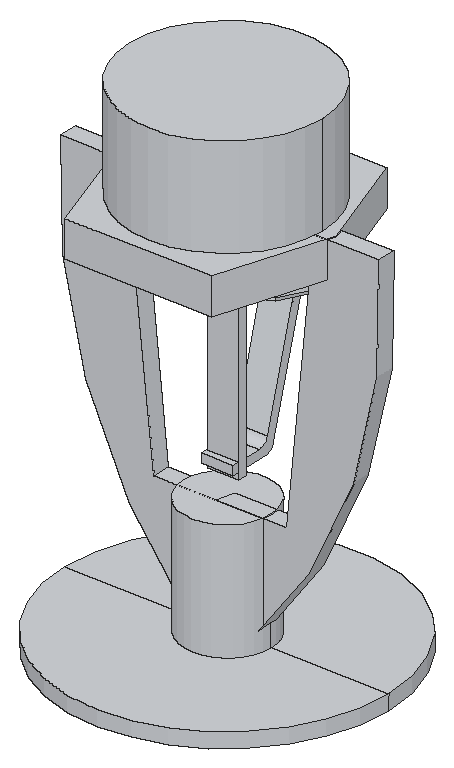
Revit family
Parameters (values of type "RASCO N252 EC PENDENT")
  Temperature Rating = 165 °F
  Response = (empty or 0)
  RASCO SIN # = "RA08A2"
  RASCO Part # = "EC251C"
  Pressure Rating = "175 PSI"
  Pressure Class = (empty or 0)
  Orifice Size = 1"
  Orifice = (empty or 0)
  Model = "N252 EC"
  Manufacturer = "RASCO"
  K-Factor = 25.2
  Description = "CHROME FINISH"
  Coverage = 1
Reference planes (in)
  plane 1 "Center (Front/Back)": y = 0
  plane 2: z = 0
  plane 3 "Center (Left/Right)": x = 0
Nested families (in)
  nested 1: "RASCO- EC251C" at (0, -0.28517, 3.60324) x (-1, 0, 0) z (0, 0, -1), type "RASCO N252 EC PENDENT"
Connectors (in)
  piping at (0, -0.28517, 3.60324)
    settings: on nested 1, index 1, connector radius 11/16", flow factor 0, pipe flow 0 GPM, pressure drop 0.00 psi, fitting loss kfactor 0, connector angle 0.00°, fixture units 0, flow configuration 0, flow direction 0, fitting loss method 0, system type 7, connector reference index -1, connector utility 0, adjustable connector no, is connector primary yes, fitting loss table "", connector description ""
Definition of nested family "RASCO- EC251C"
  Parameters (values of type "RASCO N252 EC PENDENT")
    Type Comments = ""
    Temperature Rating = 0 °F
    Response = (empty or 0)
    Pressure Rating = "0"
    Pressure Class = (empty or 0)
    Orifice Size = 0"
    Orifice = (empty or 0)
    Model = ""
    Manufacturer = ""
    K-Factor = 0
    Description = ""
    Coverage = (empty or 0)
    Assembly Code = ""
  Reference planes (in)
    plane 1 "Center (Front/Back)": y = 0
    plane 2: z = 0
    plane 3 "ref.2": z = 0.6875
    plane 4 "ref.3": z = 0.9375
    plane 5: x = -0.38065
    plane 6: x = 0.36935
    plane 7 "ref. side 1": y = 0.06402
    plane 8 "ref. side 2": y = -0.06098
    plane 9 "ref.4": z = 2.6
    plane 10 "ref.5": z = 3.6
    plane 11 "center": x = -0.00574
    plane 12 "clip": through (0, 0.52703, 1.36085) normal (0, 0.2756, -0.9613)
  Forms (in)
    Extrusion 1, solid
      sketch origin (0, 0, 0) x (1, 0, 0) y (0, 1, 0)
        loop
          circle (0, 0) r 0.659
      from 0 to 0.6875
    Extrusion 2, solid
      sketch origin (-0.12185, 0.05177, 0.6875) x (1, 0, 0) y (0, 1, 0)
        loop
          line (-0.37766, 0.70082) -> (-0.6339, -0.05177) -> (-0.3889, -0.80818) -> (0.62234, -0.80818) -> (0.8661, -0.05177) -> (0.62234, 0.70082) -> (-0.37766, 0.70082)
      from 0 to 0.25
    Extrusion 3, solid
      sketch origin (0, 0, 0) x (1, 0, 0) y (0, 0, 1)
        loop
          line (-1.09324, 0.6875) -> (-0.62034, 0.6875) -> (-0.62034, 0.96854)
          arc (-0.62034, 0.96854) -> (-0.58056, 1.76334) -> (-0.46159, 2.55019) r 7.95835
          line (-0.46159, 2.55019) -> (0.44697, 2.55019)
          arc (0.44697, 2.55019) -> (0.56668, 1.78042) -> (0.60672, 1.00242) r 7.57793
          line (0.60672, 1.00242) -> (0.60672, 0.6875) -> (1.08176, 0.6875)
          arc (1.08176, 0.6875) -> (0.90757, 2.11947) -> (0.17997, 3.36505) r 3.56334
          line (0.17997, 3.36505) -> (-0.19366, 3.36505)
          arc (-0.19366, 3.36505) -> (-0.92012, 2.11923) -> (-1.09324, 0.6875) r 3.563
      from -0.06402 to 0.06098
    Extrusion 4, solid
      sketch origin (-0.00199, 0, 3.1625) x (-1, 0, 0) y (0, -1, 0)
        loop
          circle (0.00574, -0.00152) r 0.3
      from -0.61231 to 0.4375
    Revolve 5, solid
      sketch origin (-0.0011, 0, 1.03138) x (1, 0, 0) y (0, 0, 1)
        loop
          line (-0.19255, 2.33367) -> (-0.19255, 2.43679) -> (-0.34939, 2.43679) -> (-1.11507, 2.43679) -> (-1.11507, 2.33367) -> (-0.19255, 2.33367)
        axis (-0.00574, 2.33367) -> (-0.00574, 2.43679)
      angle from 0 to 360
    Extrusion 6, solid
      sketch origin (0, 0, 0.9375) x (-1, 0, 0) y (0, -1, 0)
        loop
          line (-0.10175, -0.02852) -> (0.11324, -0.02852) -> (0.11324, 0.03101) -> (-0.10175, 0.03101) -> (-0.10175, -0.02852)
      from 0 to 1.45629
    Extrusion 7, solid
      sketch origin (-0.00574, 0, 0) x (0, 0, -1) y (0, -1, 0)
        loop
          line (-2.34418, 0.08154) -> (-2.34418, -0.18975)
          arc (-2.34418, -0.18975) -> (-2.3294, -0.23392) -> (-2.29102, -0.2603) r 0.07339
          line (-2.29102, -0.2603) -> (-1.29471, -0.54599) -> (-1.27823, -0.48852) -> (-2.23088, -0.21535)
          arc (-2.23088, -0.21535) -> (-2.26901, -0.18915) -> (-2.28369, -0.14527) r 0.07291
          line (-2.28369, -0.14527) -> (-2.28369, 0.08154) -> (-2.34418, 0.08154)
      from -0.1075 to 0.1075
    Extrusion 8, solid
      sketch origin (0, -0.32053, 1.11781) x (0, 0.961262, 0.275637) y (1, 0, 0)
        loop
          line (0.84059, -0.34079) -> (0.916, -0.26539) -> (0.916, 0.24563) -> (0.84145, 0.32018) -> (0.33718, 0.32018) -> (0.26218, 0.24518) -> (0.26218, -0.26617) -> (0.3368, -0.34079) -> (0.84059, -0.34079)
      from -0.01906 to 0
  Cuts and joins
    joined: Extrusion 1, Extrusion 2, Revolve 5
